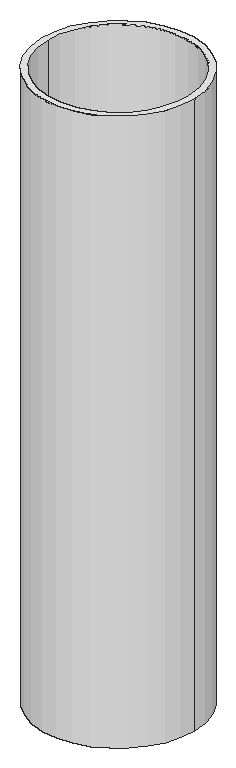
Revit family "ColumnCover_GRG_CastleAccess", category Generic Models, Revit 2026
Family settings
  Can host rebar = No
  Round Connector Dimension = Use Diameter
  Part Type = Normal
  Work Plane-Based = Yes
  Always vertical = Yes
  Cut with Voids When Loaded = No
  Maintain Annotation Orientation = No
  Shared = No
  Room Calculation Point = No
Parameters
  Warranty Duration (Years) = 3
  Unit Height = 4' - 0"
  URL = "https://www.arcat.com/arcatcos/cos46/arc46034.html"
  Send Message = "https://www.castleaccesspanels.com/GFRG-Access-Panels/contact.php"
  Sales Information = ""
  Revision = "R#_01-2018"
  Product Properties = "https://www.castleaccesspanels.com/GFRG-Access-Panels/column-covers.htm"
  Product Data = "https://www.castleaccesspanels.com/GFRG-Access-Panels/column-covers.htm"
  Model = ""
  Material = Castle Access_Glass Reinforced Gypsum (GRG) Column Cover
  Manufacturer Website = "https://www.castleaccesspanels.com/GFRG-Access-Panels/column-covers.htm"
  Manufacturer Phone = "(+1)905-738-8089"
  Manufacturer Fax = "(+1)905-760-9234"
  Manufacturer Email = "https://www.castleaccesspanels.com/GFRG-Access-Panels/contact.php"
  Manufacturer Address = "173 Adesso Dr. Unit 2 Concord, ON, Canada L4K 3C3"
  Manufacturer = "Castle Access Panels & Forms Inc."
  Maintenance Schedule (Months) = 0
  Keynote = "09 27 13"
  Installation-Fabrication = "https://www.castleaccesspanels.com/GFRG-Access-Panels/column-covers.htm"
  Installation Phase = "Plaster and Gypsum Board - Column Finishes"
  Green Building-LEED = "https://www.arcat.com/green/clients/cos46/leed_product_credits_46034_177330.html"
  Expected Lifespan (Years) = 0
  Drawn By = "Sumex Design, Inc."
  Diameter = 1' - 0"
  Description = ""
  Default Elevation = 4' - 0"
  Cost = 0
  Copyright = "2018, ARCAT, Inc"
  Construction Details = "https://www.castleaccesspanels.com/GFRG-Access-Panels/column-covers.htm"
  Company_ID = 41798
  Column Diameter = Diameter + 0' 1"  # 1' - 1"
  Assembly Code = "C3010300"
Reference planes (in)
  plane 1 "Center (Front/Back)": y = 0
  plane 2: z = 0
  plane 3 "Center (Left/Right)": x = 0
  plane 4: z = 48
Forms (in)
  Extrusion 1, solid, material "Castle Access_Glass Reinforced Gypsum (GRG) Column Cover"
    sketch origin (0, 0, 0) x (1, 0, 0) y (0, 1, 0)
      loop
        circle (0, 0) r 6
      loop
        circle (0, 0) r 6.5
    from 0 to 48
Dimensions and locks (in)
  "Unit Height": level to plane 4
  "Diameter": diameter of Extrusion 1 sketch curve
  "Column Diameter": diameter of Extrusion 1 sketch curve
  aligned and locked: plane 4 to Extrusion 1
  aligned and locked: Extrusion 1 to plane 2
Automatic sketch dimensions
  Extrusion 1 sketch curve to Extrusion 1 sketch curve = 0' - 0"  (x2)
  plane 1 "Center (Front/Back)" to Extrusion 1 sketch curve = 0' - 0"
  Extrusion 1 sketch curve to plane 3 "Center (Left/Right)" = 0' - 0"
